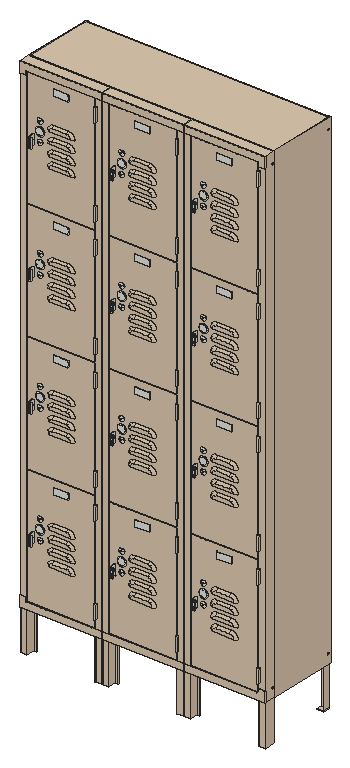
Revit family "Metal_Lockers-Salsbury_Industries-64000_Series-3_Wide_Units", category Specialty Equipment, Revit 2016
Family settings
  Part Type = Normal
  Round Connector Dimension = Use Diameter
  OmniClass Number = 23.40.00.00
  OmniClass Title = Equipment and Furnishings
  Work Plane-Based = No
  Always vertical = Yes
  Cut with Voids When Loaded = No
  Shared = No
  Room Calculation Point = No
Parameters (values of type "64362 - with Standard 6" High Legs")
  Zee Base Corner - Right Side [instance] = Metal Locker Zee Base Corner : None
  Zee Base Corner - Left Side [instance] = Metal Locker Zee Base Corner : None
  Zee Base - Right Side [instance] = Metal Locker Zee Base-Right Side : None
  Zee Base - Left Side [instance] = Metal Locker Zee Base-Left Side : None
  Zee Base = Metal Locker Zee Base - 3 Wide : None
  Width = 36.040"
  Version = "2.0 (06/30/17)"
  Unit Height including Sloping Hood Only [instance] = 78.625"
  Unit Height = 72.000"
  URL = "www.lockers.com"
  Type Comments = "Standard Metal Lockers - Four Tier"
  Total Door(s) Height [instance] = 69.81949"
  Sloping Top In-Line Filler - Right Side [instance] = Metal Locker Sloping Top Filler : None
  Sloping Top In-Line Filler - Left Side [instance] = Metal Locker Sloping Top Filler : None
  Sloping Top Corner Filler - Right Side [instance] = Metal Locker Sloping Corner Filler : None
  Sloping Top Corner Filler - Left Side [instance] = Metal Locker Sloping Corner Filler : None
  Sloping Hood Height = if(Depth = 12.010", 6.625", if(Depth = 15.010", 8.682", if(Depth = 18.010", 10.739", 0.000")))  # 6.625"
  Sloping Hood = Metal Locker Sloping Hood : None
  Compartment Divider Height = Individual Door Height - 0.375"  # 16.985"
  Right Side Base [instance] = Metal Locker Right Side Base : None
  Primary Structure Material [instance] = Paint - Salsbury Finish - Tan
  Overall Width including Rivets [instance] = 36.120"
  Unit Height including Base Only [instance] = 78.000"
  Overall Unit Height (including Base and Sloping Hood) [instance] = 84.625"
  OmniClass 23 Title = "Equipment and Furnishings"
  OmniClass 23 Number = "23.40.00.00"
  Model = "64362"
  MasterFormat Title = "Lockers"
  MasterFormat Number = "10 51 13"
  Manufacturer = "Salsbury Industries"
  Left Side Base [instance] = Metal Locker Left Side Base : None
  Individual Door Height = 17.360"
  Hasp Plate Rivet Material = Steel -Salsbury Finish - Polished Steel
  Hasp Handle Material = Plastic - Salsbury Finish - Black
  Front Vertical Filler - Right [instance] = Metal Locker Front Filler : None
  Front Vertical Filler - Left [instance] = Metal Locker Front Filler : None
  Front Base [instance] = Metal Locker Front Base : None
  Flat Top In-Line Filler - Right Side [instance] = Metal Locker Flat Top Filler : None
  Flat Top In-Line Filler - Left Side [instance] = Metal Locker Flat Top Filler : None
  Flat Top Corner Filler - Right Side [instance] = Metal Locker Flat Corner Filler : None
  Flat Top Corner Filler - Left Side [instance] = Metal Locker Flat Corner Filler : None
  Individual Door Width [instance] = 33.90055"
  End Panel - Right Side [instance] = Metal Locker End Panel : None
  End Panel - Left Side [instance] = Metal Locker End Panel : None
  Door Location D1 = Metal Locker Doors-12 inch with Latch Hasps : Four Tier Door - 6 foot
  Description = "3 Wide - 6 Feet High - 12 Inches Deep"
  Depth = 12.010"
  Base Height = 6.000"
  Standard Leg Base = Metal Locker Legs - 3 Wide : 6" High - 36" W x 12" D
  Assembly Code = "C1030310"
Reference planes (in)
  plane 1 "Center (Front/Back)": y = 0
  plane 2: z = 0
  plane 3 "Center (Left/Right)": x = 0
  plane 4 "Floor": z = 0
  plane 5 "Bottom of Unit": z = 6
  plane 6 "Top of Unit": z = 78
  plane 7 "Left Side of Unit": x = -18.02
  plane 8 "Right Side of Unit": x = 18.02
  plane 9 "Back of Unit": y = 6.005
  plane 10 "Front of Unit": y = -6.005
  plane 11 "Top of Sloping Hood": z = 84.625
  plane 12 "Left Rivet": x = -18.06
  plane 13 "Right Rivet": x = 18.06
  plane 14 "Right Side of Door Opening": x = 17.02
  plane 15 "Left Side of Door Opening": x = -17.02
  plane 16 "Top of Door Opening": z = 77
  plane 17 "Bottom of Door Opening": z = 7
  plane 18 "Back Edge of Front Facing": y = -4.417
  plane 19 "Front Plate Plane": y = -6.065
  plane 20 "Horizontal Center of Top Rivets": z = 76.5
  plane 21 "Horiz Center of Bottom Rivets": z = 7.5
  plane 22 "Vertical Center of Back Rivets": y = 5.505
  plane 23 "Vertical Center of Front Rivets": y = -4.755
  plane 24 "Right Align Top Filler Overlap": x = 17.435
  plane 25 "Left Align Top Filler Overlap": x = -17.435
  plane 26 "Corner Filler Align-Left": x = -18.08
  plane 27 "Corner Filler Align-Right": x = 18.08
  plane 28 "Right Side of Door": x = 16.95026
  plane 29 "Top of Door 1": z = 76.90976
  plane 30 "Bottom of Bottom Door": z = 7.09027
  plane 31 "Zee Base Offset": x = -17.669
  plane 32: x = 17.669
  plane 33 "Compartment Align 3": z = 24.985
  plane 34: x = -17.96
  plane 35: x = 17.96
  plane 36: x = -17.635
  plane 37: x = 17.635
  plane 38: y = 5.945
  plane 39: y = 5.895
  plane 40: y = 5.145
  plane 41: x = -17.9
  plane 42: x = 17.9
  plane 43: x = -17.095
  plane 44: x = 17.095
  plane 45: z = 77.94
  plane 46: z = 24.925
  plane 47: z = 23.985
  plane 48: z = 6.9204
  plane 49: z = 6.18539
  plane 50: z = 76.40796
  plane 51: z = 7.59204
  plane 52 "Right Side of Center Unit": x = 6.00667
  plane 53 "Left Side of Center Unit": x = -6.00667
  plane 54: x = 6.98167
  plane 55 "Left Side of Door Opening-Right Door": x = 7.00667
  plane 56: x = 5.03167
  plane 57 "Right Side of Door Opening-Center Door": x = 5.00667
  plane 58 "Right Side of Door - Center Door": x = 4.93667
  plane 59: x = -5.03167
  plane 60 "Left Side of Door Opening - Center Door": x = -5.00667
  plane 61: x = -6.98167
  plane 62 "Right Side of Door Opening - Left Door": x = -7.00667
  plane 63 "Right Side of Door - Left Door": x = -7.07667
  plane 64: z = 23.985
  plane 65 "Top of Door Row 3": z = 24.45027
  plane 66 "Bottom of Door Row 2": z = 24.57576
  plane 67 "Top of Door Row 2": z = 41.93576
  plane 68: z = 42.06276
  plane 69 "Compartment Align 2": z = 42.43527
  plane 70: z = 42.37527
  plane 71: z = 41.43527
  plane 72: z = 53.22076
  plane 73: z = 59.42276
  plane 74: z = 59.54976
  plane 75: z = 58.92076
  plane 76: z = 59.86076
  plane 77 "Compartment Align 1": z = 59.92076
  plane 78: z = 70.70625
Forms (in)
  Sweep 1, solid, material "Paint - Salsbury Finish - Tan" <- "Primary Structure Material"
    path origin (0, -6.005, 0) x (1, 0, 0) y (0, 0, 1)
      loop
        line (6.00667, 78) -> (6.00667, 6) -> (18.02, 6) -> (18.02, 78) -> (6.00667, 78)
    profile origin (12.01333, -6.005, 78) x (0, 0, 1) y (0, -1, 0)
      loop
        line (0, 0) -> (-1, 0) -> (-1, -1.588) -> (0, -1.588) -> (0, 0)
  Extrusion 2, solid, material "Paint - Salsbury Finish - Tan" <- "Primary Structure Material"
    sketch origin (0, 0, 6) x (0, -1, 0) y (1, 0, 0)
      loop
        line (4.417, 18.02) -> (-6.005, 18.02) -> (-6.005, 17.635) -> (-5.945, 17.635) -> (-5.945, 17.96) -> (4.417, 17.96) -> (4.417, 18.02)
    from 0 to 72
  Extrusion 3, solid, material "Paint - Salsbury Finish - Tan" <- "Primary Structure Material"
    sketch origin (0, 0, 6) x (0, -1, 0) y (1, 0, 0)
      loop
        line (4.417, -18.02) -> (4.417, -17.96) -> (-5.945, -17.96) -> (-5.945, -17.635) -> (-6.005, -17.635) -> (-6.005, -18.02) -> (4.417, -18.02)
    from 0 to 72
  Extrusion 4, solid, material "Paint - Salsbury Finish - Tan" <- "Primary Structure Material"
    sketch origin (0, 0, 6) x (0, -1, 0) y (1, 0, 0)
      loop
        line (-5.945, -17.96) -> (-5.145, -17.96) -> (-5.145, -17.9) -> (-5.895, -17.9) -> (-5.895, 17.9) -> (-5.145, 17.9) -> (-5.145, 17.96) -> (-5.945, 17.96) -> (-5.945, -17.96)
    from 0 to 72
  Sweep 5, solid, material "Paint - Salsbury Finish - Tan" <- "Primary Structure Material"
    path origin (0, 0, 7) x (0, -1, 0) y (1, 0, 0)
      loop
        line (4.417, -17.96) -> (4.417, 17.96) -> (-5.145, 17.96) -> (-5.145, 17.9) -> (-5.895, 17.9) -> (-5.895, -17.9) -> (-5.145, -17.9) -> (-5.145, -17.96) -> (4.417, -17.96)
    profile origin (-17.96, 0.364, 7) x (-1, 0, 0) y (0, 0, 1)
      loop
        line (0, -0.81461) -> (0, -0.0796) -> (-0.06, -0.0796) -> (-0.06, -0.81461) -> (0, -0.81461)
  Extrusion 6, solid, material "Paint - Salsbury Finish - Tan" <- "Primary Structure Material"
    sketch origin (0, 0, 7) x (0, -1, 0) y (1, 0, 0)
      loop
        line (-5.895, -17.9) -> (-5.145, -17.9) -> (-5.145, -17.96) -> (4.417, -17.96) -> (4.417, 17.96) -> (-5.145, 17.96) -> (-5.145, 17.9) -> (-5.895, 17.9) -> (-5.895, -17.9)
    from -0.0796 to 0
  Extrusion 7, solid, material "Paint - Salsbury Finish - Tan" <- "Primary Structure Material"
    sketch origin (0, 0, 78) x (0, -1, 0) y (1, 0, 0)
      loop
        line (-5.895, -17.9) -> (-5.145, -17.9) -> (-5.145, -17.96) -> (4.417, -17.96) -> (4.417, 17.96) -> (-5.145, 17.96) -> (-5.145, 17.9) -> (-5.895, 17.9) -> (-5.895, -17.9)
    from -0.06 to 0
  Extrusion 8, solid, material "Paint - Salsbury Finish - Tan" <- "Primary Structure Material"
    sketch origin (0, -6.065, 0) x (0, 0, -1) y (1, 0, 0)
      loop
        line (-78, -18.02) -> (-76.47656, -18.02)
        arc (-76.47656, -18.02) -> (-76.42806, -17.99991) -> (-76.40796, -17.9514) r 0.0686
        line (-76.40796, -17.9514) -> (-76.40796, -17.16351)
        arc (-76.40796, -17.16351) -> (-76.42809, -17.11506) -> (-76.47656, -17.095) r 0.0686
        line (-76.47656, -17.095) -> (-77, -17.095) -> (-77, 17.095) -> (-76.47656, 17.095)
        arc (-76.47656, 17.095) -> (-76.42809, 17.11506) -> (-76.40796, 17.16351) r 0.0686
        line (-76.40796, 17.16351) -> (-76.40796, 17.9514)
        arc (-76.40796, 17.9514) -> (-76.42806, 17.99991) -> (-76.47656, 18.02) r 0.0686
        line (-76.47656, 18.02) -> (-78, 18.02) -> (-78, -18.02)
    from -0.06 to 0
  Extrusion 9, solid, material "Paint - Salsbury Finish - Tan" <- "Primary Structure Material"
    sketch origin (0, -6.065, 84) x (0, 0, 1) y (-1, 0, 0)
      loop
        line (-78, 18.02) -> (-78, -18.02) -> (-76.47656, -18.02)
        arc (-76.47656, -18.02) -> (-76.42806, -17.99991) -> (-76.40796, -17.9514) r 0.0686
        line (-76.40796, -17.9514) -> (-76.40796, -17.16351)
        arc (-76.40796, -17.16351) -> (-76.42809, -17.11506) -> (-76.47656, -17.095) r 0.0686
        line (-76.47656, -17.095) -> (-77, -17.095) -> (-77, 17.095) -> (-76.47656, 17.095)
        arc (-76.47656, 17.095) -> (-76.42809, 17.11506) -> (-76.40796, 17.16351) r 0.0686
        line (-76.40796, 17.16351) -> (-76.40796, 17.9514)
        arc (-76.40796, 17.9514) -> (-76.42806, 17.99991) -> (-76.47656, 18.02) r 0.0686
        line (-76.47656, 18.02) -> (-78, 18.02)
    from -0.06 to 0
  Blend 10, solid, material "Steel -Salsbury Finish - Polished Steel" <- "Hasp Plate Rivet Material"
    base sketch origin (18.02, 0, 0) x (0, 0, -1) y (0, -1, 0)
      loop
        circle (-76.5, 4.755) r 0.187
    top sketch origin (18.02, 0, 0) x (0, 0, -1) y (0, -1, 0)
      loop
        circle (-76.5, 4.755) r 0.05319
    from 0 to -0.04
  Blend 11, solid, material "Steel -Salsbury Finish - Polished Steel" <- "Hasp Plate Rivet Material"
    base sketch origin (18.02, 0, -69) x (0, 0, -1) y (0, -1, 0)
      loop
        circle (-76.5, 4.755) r 0.187
    top sketch origin (18.02, 0, -69) x (0, 0, -1) y (0, -1, 0)
      loop
        circle (-76.5, 4.755) r 0.05319
    from 0 to -0.04
  Blend 12, solid, material "Steel -Salsbury Finish - Polished Steel" <- "Hasp Plate Rivet Material"
    base sketch origin (18.02, 10.26, -69) x (0, 0, -1) y (0, -1, 0)
      loop
        circle (-76.5, 4.755) r 0.187
    top sketch origin (18.02, 10.26, -69) x (0, 0, -1) y (0, -1, 0)
      loop
        circle (-76.5, 4.755) r 0.05319
    from 0 to -0.04
  Blend 13, solid, material "Steel -Salsbury Finish - Polished Steel" <- "Hasp Plate Rivet Material"
    base sketch origin (18.02, 10.26, 0.0043) x (0, 0, -1) y (0, -1, 0)
      loop
        circle (-76.5, 4.755) r 0.187
    top sketch origin (18.02, 10.26, 0.0043) x (0, 0, -1) y (0, -1, 0)
      loop
        circle (-76.5, 4.755) r 0.05319
    from 0 to -0.04
  Blend 14, solid, material "Steel -Salsbury Finish - Polished Steel" <- "Hasp Plate Rivet Material"
    base sketch origin (-6.02, 0, -69) x (0, 0, -1) y (0, 1, 0)
      loop
        circle (-76.5, -4.755) r 0.187
    top sketch origin (-6.02, 0, -69) x (0, 0, -1) y (0, 1, 0)
      loop
        circle (-76.5, -4.755) r 0.05319
    from -12 to -12.04
  Blend 15, solid, material "Steel -Salsbury Finish - Polished Steel" <- "Hasp Plate Rivet Material"
    base sketch origin (-6.02, 10.26, -69) x (0, 0, -1) y (0, 1, 0)
      loop
        circle (-76.5, -4.755) r 0.187
    top sketch origin (-6.02, 10.26, -69) x (0, 0, -1) y (0, 1, 0)
      loop
        circle (-76.5, -4.755) r 0.05319
    from -12 to -12.04
  Blend 16, solid, material "Steel -Salsbury Finish - Polished Steel" <- "Hasp Plate Rivet Material"
    base sketch origin (-6.02, 0, 0) x (0, 0, -1) y (0, 1, 0)
      loop
        circle (-76.5, -4.755) r 0.187
    top sketch origin (-6.02, 0, 0) x (0, 0, -1) y (0, 1, 0)
      loop
        circle (-76.5, -4.755) r 0.05319
    from -12 to -12.04
  Blend 17, solid, material "Steel -Salsbury Finish - Polished Steel" <- "Hasp Plate Rivet Material"
    base sketch origin (-6.02, 10.26, 0.00039) x (0, 0, -1) y (0, 1, 0)
      loop
        circle (-76.5, -4.755) r 0.187
    top sketch origin (-6.02, 10.26, 0.00039) x (0, 0, -1) y (0, 1, 0)
      loop
        circle (-76.5, -4.755) r 0.05319
    from -12 to -12.04
  Extrusion 18, solid, material "Paint - Salsbury Finish - Tan" <- "Primary Structure Material"
    sketch origin (0, 0, 24.985) x (0, -1, 0) y (1, 0, 0)
      loop
        line (-5.895, -17.9) -> (-5.145, -17.9) -> (-5.145, -17.96) -> (4.417, -17.96) -> (4.417, 17.96) -> (-5.145, 17.96) -> (-5.145, 17.9) -> (-5.895, 17.9) -> (-5.895, -17.9)
    from -0.06 to 0
  Sweep 19, solid, material "Paint - Salsbury Finish - Tan" <- "Primary Structure Material"
    path origin (0, 0, 24.985) x (0, -1, 0) y (1, 0, 0)
      loop
        line (4.417, -17.96) -> (4.417, 17.96) -> (-5.145, 17.96) -> (-5.145, 17.9) -> (-5.895, 17.9) -> (-5.895, -17.9) -> (-5.145, -17.9) -> (-5.145, -17.96) -> (4.417, -17.96)
    profile origin (-17.96, 0.364, 24.985) x (-1, 0, 0) y (0, 0, 1)
      loop
        line (0, -1) -> (0, -0.06) -> (-0.06, -0.06) -> (-0.06, -1) -> (0, -1)
  Sweep 20, solid, material "Paint - Salsbury Finish - Tan" <- "Primary Structure Material"
    path origin (-12.01333, -6.005, 0) x (1, 0, 0) y (0, 0, 1)
      loop
        line (6.00667, 78) -> (6.00667, 6) -> (18.02, 6) -> (18.02, 78) -> (6.00667, 78)
    profile origin (0, -6.005, 78) x (0, 0, 1) y (0, -1, 0)
      loop
        line (0, 0) -> (-1, 0) -> (-1, -1.588) -> (0, -1.588) -> (0, 0)
  Sweep 21, solid, material "Paint - Salsbury Finish - Tan" <- "Primary Structure Material"
    path origin (-24.02667, -6.005, 0) x (1, 0, 0) y (0, 0, 1)
      loop
        line (6.00667, 78) -> (6.00667, 6) -> (18.02, 6) -> (18.02, 78) -> (6.00667, 78)
    profile origin (-12.01333, -6.005, 78) x (0, 0, 1) y (0, -1, 0)
      loop
        line (0, 0) -> (-1, 0) -> (-1, -1.588) -> (0, -1.588) -> (0, 0)
  Extrusion 22, solid, material "Paint - Salsbury Finish - Tan" <- "Primary Structure Material"
    sketch origin (0, 0, 42.43527) x (0, -1, 0) y (1, 0, 0)
      loop
        line (-5.945, -17.9) -> (-5.145, -17.9) -> (-5.145, -17.96) -> (4.417, -17.96) -> (4.417, 17.96) -> (-5.145, 17.96) -> (-5.145, 17.9) -> (-5.945, 17.9) -> (-5.945, -17.9)
    from -0.06 to 0
  Sweep 23, solid, material "Paint - Salsbury Finish - Tan" <- "Primary Structure Material"
    path origin (0, 0, 42.43527) x (0, -1, 0) y (1, 0, 0)
      loop
        line (4.417, -17.96) -> (4.417, 17.96) -> (-5.145, 17.96) -> (-5.145, 17.9) -> (-5.945, 17.9) -> (-5.945, -17.9) -> (-5.145, -17.9) -> (-5.145, -17.96) -> (4.417, -17.96)
    profile origin (-17.96, 0.364, 42.43527) x (-1, 0, 0) y (0, 0, 1)
      loop
        line (0, -1) -> (0, -0.06) -> (-0.06, -0.06) -> (-0.06, -1) -> (0, -1)
  Extrusion 24, solid, material "Paint - Salsbury Finish - Tan" <- "Primary Structure Material"
    sketch origin (0, 0, 59.92076) x (0, -1, 0) y (1, 0, 0)
      loop
        line (-5.945, -17.9) -> (-5.145, -17.9) -> (-5.145, -17.96) -> (4.417, -17.96) -> (4.417, 17.96) -> (-5.145, 17.96) -> (-5.145, 17.9) -> (-5.945, 17.9) -> (-5.945, -17.9)
    from -0.06 to 0
  Sweep 25, solid, material "Paint - Salsbury Finish - Tan" <- "Primary Structure Material"
    path origin (0, 0, 59.92076) x (0, -1, 0) y (1, 0, 0)
      loop
        line (4.417, -17.96) -> (4.417, 17.96) -> (-5.145, 17.96) -> (-5.145, 17.9) -> (-5.945, 17.9) -> (-5.945, -17.9) -> (-5.145, -17.9) -> (-5.145, -17.96) -> (4.417, -17.96)
    profile origin (-17.96, 0.364, 59.92076) x (-1, 0, 0) y (0, 0, 1)
      loop
        line (0, -1) -> (0, -0.06) -> (-0.06, -0.06) -> (-0.06, -1) -> (0, -1)
Lines and regions (in)
  reference lines
    curve 1: line (-41.59242, -6.065, 78) -> (48.15758, -6.065, 78)
  symbolic lines
    curve 2: line (-18.02, 6.005, 78) -> (18.02, 6.005, 78)
    curve 3: line (-18.02, -6.065, 78) -> (-18.02, 6.005, 78)
    curve 4: line (18.02, -6.065, 78) -> (-18.02, -6.065, 78)
    curve 5: line (18.02, 6.005, 78) -> (18.02, -6.065, 78)
    curve 6: line (-18.06, -4.80819, 78) -> (-18.02, -4.91809, 78)
    curve 7: line (-18.02, -4.58043, 78) -> (-18.06, -4.70181, 78)
    curve 8: line (-18.06, -4.80819, 78) -> (-18.06, -4.70181, 78)
    curve 9: line (-18.06, 5.45181, 78) -> (-18.02, 5.31077, 78)
    curve 10: line (-18.06, 5.55819, 78) -> (-18.02, 5.68474, 78)
    curve 11: line (-18.06, 5.55819, 78) -> (-18.06, 5.45181, 78)
    curve 12: line (18.06, 5.55819, 78) -> (18.02, 5.70747, 78)
    curve 13: line (18.06, 5.45181, 78) -> (18.02, 5.3179, 78)
    curve 14: line (18.06, 5.55819, 78) -> (18.06, 5.45181, 78)
    curve 15: line (18.06, -4.70181, 78) -> (18.02, -4.57098, 78)
    curve 16: line (18.06, -4.80819, 78) -> (18.02, -4.94769, 78)
    curve 17: line (18.06, -4.70181, 78) -> (18.06, -4.80819, 78)
  model lines
    curve 18: line (6.00667, 6.005, 6) -> (6.00667, 6.005, 78)
    curve 19: line (-6.00667, 6.005, 6) -> (-6.00667, 6.005, 78)
    curve 20: line (-6.00667, 5.945, 78) -> (-6.00667, -6.065, 78)
    curve 21: line (6.00667, 5.945, 78) -> (6.00667, -6.065, 78)
Dimensions and locks (in)
  equal spacing: plane 7 "Left Side of Unit", plane 53 "Left Side of Center Unit", plane 52 "Right Side of Center Unit", plane 8 "Right Side of Unit"
  "Width": plane 7 "Left Side of Unit" to plane 8 "Right Side of Unit"
  "Base Height": plane 5 "Bottom of Unit" to plane 4 "Floor"
  "Unit Height": plane 6 "Top of Unit" to plane 5 "Bottom of Unit"
  "Unit Height including Base Only": plane 6 "Top of Unit" to plane 4 "Floor"
  equal spacing: plane 10 "Front of Unit", plane 1 "Center (Front/Back)", plane 9 "Back of Unit"
  "Depth": plane 10 "Front of Unit" to plane 9 "Back of Unit"
  "Sloping Hood Height": plane 11 "Top of Sloping Hood" to plane 6 "Top of Unit"
  "Overall Unit Height (including Base and Sloping Hood)": plane 11 "Top of Sloping Hood" to plane 4 "Floor"
  locked: plane 12 "Left Rivet" to plane 7 "Left Side of Unit" at 0.04
  locked: plane 8 "Right Side of Unit" to plane 13 "Right Rivet" at 0.04
  "Overall Width including Rivets": plane 12 "Left Rivet" to plane 13 "Right Rivet"
  plane 6 "Top of Unit" to plane 16 "Top of Door Opening" to plane 29 "Top of Door 1" to plane 50 = 1.000" locked, 0.09024", 0.5018"
  plane 51 to plane 30 "Bottom of Bottom Door" to plane 17 "Bottom of Door Opening" to plane 5 "Bottom of Unit" = 0.50177", 0.09027", 1.000" locked
  locked: plane 7 "Left Side of Unit" to plane 15 "Left Side of Door Opening" at 1
  plane 28 "Right Side of Door" to plane 14 "Right Side of Door Opening" to plane 8 "Right Side of Unit" = 0.06974", 1.000" locked
  plane 19 "Front Plate Plane" to plane 10 "Front of Unit" to plane 18 "Back Edge of Front Facing" = 0.060" locked, 1.588" locked
  "Unit Height including Sloping Hood Only": plane 11 "Top of Sloping Hood" to plane 5 "Bottom of Unit"
  locked: plane 20 "Horizontal Center of Top Rivets" to plane 6 "Top of Unit" at 1.5
  locked: plane 5 "Bottom of Unit" to plane 21 "Horiz Center of Bottom Rivets" at 1.5
  locked: plane 22 "Vertical Center of Back Rivets" to plane 9 "Back of Unit" at 0.5
  locked: plane 10 "Front of Unit" to plane 23 "Vertical Center of Front Rivets" at 1.25
  locked: plane 24 "Right Align Top Filler Overlap" to plane 13 "Right Rivet" at 0.625
  locked: plane 12 "Left Rivet" to plane 25 "Left Align Top Filler Overlap" at 0.625
  locked: plane 8 "Right Side of Unit" to plane 27 "Corner Filler Align-Right" at 0.06
  locked: plane 26 "Corner Filler Align-Left" to plane 7 "Left Side of Unit" at 0.06
  "Total Door(s) Height": plane 29 "Top of Door 1" to plane 30 "Bottom of Bottom Door"
  plane 7 "Left Side of Unit" to plane 31 "Zee Base Offset" = 0.351"
  plane 32 to plane 8 "Right Side of Unit" = 0.351"
  plane 33 "Compartment Align 3" to plane 46 to plane 64 = 0.060" locked, 0.940" locked
  plane 7 "Left Side of Unit" to plane 34 to plane 41 to plane 36 = 0.060" locked, 0.060" locked, 0.265" locked
  plane 37 to plane 42 to plane 35 to plane 8 "Right Side of Unit" = 0.265" locked, 0.060", 0.060"
  plane 40 to plane 39 to plane 38 to plane 9 "Back of Unit" = 0.750" locked, 0.050", 0.060"
  locked: plane 7 "Left Side of Unit" to plane 43 at 0.925
  locked: plane 44 to plane 8 "Right Side of Unit" at 0.925
  locked: plane 6 "Top of Unit" to plane 45 at 0.06
  plane 46 to plane 47 = 0.940"
  locked: plane 17 "Bottom of Door Opening" to plane 48 at 0.0796
  plane 48 to plane 49 = 0.73501"
  plane 58 "Right Side of Door - Center Door" to plane 57 "Right Side of Door Opening-Center Door" to plane 56 to plane 52 "Right Side of Center Unit" to plane 54 to plane 55 "Left Side of Door Opening-Right Door" = 0.070", 0.025", 0.975", 0.975", 0.025"
  plane 63 "Right Side of Door - Left Door" to plane 62 "Right Side of Door Opening - Left Door" to plane 61 to plane 53 "Left Side of Center Unit" to plane 59 to plane 60 "Left Side of Door Opening - Center Door" = 0.070", 0.025", 0.975", 0.975", 0.025"
  "Individual Door Height": plane 65 "Top of Door Row 3" to plane 30 "Bottom of Bottom Door"
  "Compartment Divider Height": plane 64 to plane 17 "Bottom of Door Opening"
  locked: plane 66 "Bottom of Door Row 2" to plane 65 "Top of Door Row 3" at 0.12549
  "Individual Door Height": plane 67 "Top of Door Row 2" to plane 66 "Bottom of Door Row 2"
  locked: plane 68 to plane 67 "Top of Door Row 2" at 0.127
  plane 69 "Compartment Align 2" to plane 70 to plane 71 = 0.060" locked, 0.940" locked
  "Compartment Divider Height": plane 71 to plane 65 "Top of Door Row 3"
  "Individual Door Height": plane 73 to plane 68
  locked: plane 74 to plane 73 at 0.127
  "Compartment Divider Height": plane 75 to plane 67 "Top of Door Row 2"
  plane 77 "Compartment Align 1" to plane 76 to plane 75 = 0.060" locked, 0.940" locked
  aligned and locked: level to plane 2
  aligned and locked: Extrusion 2 to plane 6 "Top of Unit"
  aligned and locked: Extrusion 3 to plane 6 "Top of Unit"
  aligned and locked: Extrusion 4 to plane 6 "Top of Unit"
  aligned and locked: Extrusion 8 to plane 10 "Front of Unit"
  aligned and locked: Extrusion 9 to plane 10 "Front of Unit"
  aligned and locked: Extrusion 6 to plane 17 "Bottom of Door Opening"
  aligned and locked: plane 4 "Floor" to nested 2
  aligned and locked: plane 5 "Bottom of Unit" to Extrusion 9
  aligned and locked: plane 8 "Right Side of Unit" to nested 6
  aligned and locked: plane 7 "Left Side of Unit" to nested 7
  aligned and locked: Blend 10 to plane 13 "Right Rivet"
  aligned and locked: plane 8 "Right Side of Unit" to Blend 10
  aligned and locked: Blend 15 to plane 7 "Left Side of Unit"
  aligned and locked: Blend 14 to plane 7 "Left Side of Unit"  (x2)
  aligned and locked: plane 12 "Left Rivet" to Blend 14
  aligned and locked: plane 12 "Left Rivet" to Blend 15
  aligned and locked: Blend 14 to plane 12 "Left Rivet"
  aligned and locked: Blend 17 to plane 7 "Left Side of Unit"
  aligned and locked: plane 12 "Left Rivet" to Blend 17
  aligned and locked: Blend 16 to plane 7 "Left Side of Unit"
  aligned and locked: plane 12 "Left Rivet" to Blend 16
  aligned and locked: plane 5 "Bottom of Unit" to nested 10
  aligned and locked: plane 13 "Right Rivet" to nested 10
  aligned and locked: plane 12 "Left Rivet" to nested 11
  aligned and locked: nested 11 to plane 10 "Front of Unit"
  aligned and locked: plane 13 "Right Rivet" to nested 12
  aligned and locked: plane 10 "Front of Unit" to nested 12
  aligned and locked: plane 6 "Top of Unit" to nested 12
  aligned and locked: plane 12 "Left Rivet" to nested 13
  aligned and locked: plane 10 "Front of Unit" to nested 13
  aligned and locked: plane 6 "Top of Unit" to nested 13
  aligned and locked: plane 6 "Top of Unit" to nested 14
  aligned and locked: nested 14 to plane 19 "Front Plate Plane"
  aligned and locked: nested 14 to plane 24 "Right Align Top Filler Overlap"
  aligned and locked: nested 15 to plane 25 "Left Align Top Filler Overlap"
  aligned and locked: nested 15 to plane 19 "Front Plate Plane"
  aligned and locked: nested 10 to nested 15
  aligned and locked: plane 19 "Front Plate Plane" to nested 16
  aligned and locked: plane 6 "Top of Unit" to nested 16
  aligned and locked: nested 17 to plane 6 "Top of Unit"
  aligned and locked: nested 17 to plane 19 "Front Plate Plane"
  aligned and locked: nested 18 to plane 24 "Right Align Top Filler Overlap"
  aligned and locked: nested 18 to plane 19 "Front Plate Plane"
  aligned and locked: plane 16 "Top of Door Opening" to nested 18
  aligned and locked: nested 19 to plane 16 "Top of Door Opening"
  aligned and locked: nested 19 to plane 25 "Left Align Top Filler Overlap"
  aligned and locked: nested 19 to plane 19 "Front Plate Plane"
  aligned and locked: nested 11 to plane 6 "Top of Unit"
  aligned and locked: plane 10 "Front of Unit" to nested 10
  aligned and locked: plane 10 "Front of Unit" to nested 22
  aligned and locked: plane 10 "Front of Unit" to nested 1
  aligned and locked: plane 10 "Front of Unit" to nested 2
  aligned and locked: plane 7 "Left Side of Unit" to nested 17
  aligned and locked: plane 31 "Zee Base Offset" to nested 9
  aligned and locked: plane 18 "Back Edge of Front Facing" to nested 9
  aligned and locked: nested 8 to plane 18 "Back Edge of Front Facing"
  aligned and locked: plane 32 to nested 8
  aligned and locked: nested 21 to curve 1
  aligned and locked: nested 20 to curve 1
  aligned and locked: Sweep 19 sketch curve to Extrusion 18
  aligned and locked: plane 7 "Left Side of Unit" to Extrusion 3
  aligned and locked: Extrusion 3 to plane 9 "Back of Unit"
  aligned and locked: Extrusion 2 to plane 8 "Right Side of Unit"
  aligned and locked: Extrusion 2 to plane 9 "Back of Unit"
  aligned and locked: plane 18 "Back Edge of Front Facing" to Extrusion 3
  aligned and locked: plane 18 "Back Edge of Front Facing" to Extrusion 2
  aligned and locked: plane 34 to Extrusion 3
  aligned and locked: plane 35 to Extrusion 2
  aligned and locked: plane 36 to Extrusion 3
  aligned and locked: plane 37 to Extrusion 2
  aligned and locked: Extrusion 3 to plane 38
  aligned and locked: plane 38 to Extrusion 2
  aligned and locked: Extrusion 4 to plane 38
  aligned and locked: Extrusion 4 to plane 39
  aligned and locked: plane 34 to Extrusion 4
  aligned and locked: plane 40 to Extrusion 4  (x2)
  aligned and locked: plane 41 to Extrusion 4
  aligned and locked: plane 42 to Extrusion 4
  aligned and locked: Extrusion 7 to plane 39
  aligned and locked: plane 41 to Extrusion 7
  aligned and locked: plane 34 to Extrusion 7  (x2)
  aligned and locked: Extrusion 7 to plane 40  (x2)
  aligned and locked: Extrusion 7 to plane 42
  aligned and locked: Extrusion 7 to plane 35  (x2)
  aligned and locked: plane 18 "Back Edge of Front Facing" to Extrusion 7
  aligned and locked: plane 18 "Back Edge of Front Facing" to Extrusion 6
  aligned and locked: Extrusion 6 to plane 39
  aligned and locked: Extrusion 6 to plane 42
  aligned and locked: Extrusion 6 to plane 40  (x2)
  aligned and locked: Extrusion 6 to plane 35
  aligned and locked: plane 41 to Extrusion 6
  aligned and locked: plane 34 to Extrusion 6
  aligned and locked: Sweep 5 to plane 39
  aligned and locked: Sweep 5 to plane 40  (x2)
  aligned and locked: Sweep 5 to plane 42
  aligned and locked: Sweep 5 to plane 35
  aligned and locked: plane 18 "Back Edge of Front Facing" to Sweep 5
  aligned and locked: plane 34 to Sweep 5
  aligned and locked: plane 41 to Sweep 5
  aligned and locked: Sweep 5 sketch curve to plane 41
  aligned and locked: Sweep 5 sketch curve to plane 39
  aligned and locked: plane 40 to Sweep 5 sketch curve  (x2)
  aligned and locked: Sweep 5 sketch curve to plane 34  (x2)
  aligned and locked: plane 42 to Sweep 5 sketch curve
  aligned and locked: plane 35 to Sweep 5 sketch curve
  aligned and locked: Sweep 5 sketch curve to plane 18 "Back Edge of Front Facing"
  aligned and locked: Extrusion 18 to plane 39
  aligned and locked: Extrusion 18 to plane 42
  aligned and locked: Extrusion 18 to plane 40  (x2)
  aligned and locked: Extrusion 18 to plane 35
  aligned and locked: plane 18 "Back Edge of Front Facing" to Extrusion 18
  aligned and locked: plane 34 to Extrusion 18
  aligned and locked: plane 41 to Extrusion 18
  aligned and locked: Sweep 19 sketch curve to plane 39
  aligned and locked: plane 42 to Sweep 19 sketch curve
  aligned and locked: plane 40 to Sweep 19 sketch curve  (x2)
  aligned and locked: plane 35 to Sweep 19 sketch curve
  aligned and locked: Sweep 19 sketch curve to plane 18 "Back Edge of Front Facing"
  aligned and locked: Sweep 19 sketch curve to plane 34  (x2)
  aligned and locked: Sweep 19 sketch curve to plane 41
  aligned and locked: plane 6 "Top of Unit" to Sweep 1 sketch curve  (x2)
  aligned and locked: plane 8 "Right Side of Unit" to Sweep 1 sketch curve
  aligned and locked: Sweep 1 sketch curve to plane 5 "Bottom of Unit"
  aligned and locked: plane 10 "Front of Unit" to Sweep 1
  aligned and locked: Extrusion 8 to plane 19 "Front Plate Plane"
  aligned and locked: plane 10 "Front of Unit" to Extrusion 8
  aligned and locked: Extrusion 8 to plane 8 "Right Side of Unit"
  aligned and locked: plane 7 "Left Side of Unit" to Extrusion 8
  aligned and locked: plane 7 "Left Side of Unit" to Extrusion 9
  aligned and locked: plane 19 "Front Plate Plane" to Extrusion 9
  aligned and locked: Extrusion 9 to plane 8 "Right Side of Unit"
  aligned and locked: plane 43 to Extrusion 9
  aligned and locked: plane 44 to Extrusion 9
  aligned and locked: plane 44 to Extrusion 8
  aligned and locked: Extrusion 8 to plane 43
  aligned and locked: plane 28 "Right Side of Door" to nested 22
  aligned and locked: plane 18 "Back Edge of Front Facing" to Sweep 1 sketch curve
  aligned and locked: Sweep 1 sketch curve to plane 16 "Top of Door Opening"
  aligned and locked: Sweep 1 sketch curve to plane 10 "Front of Unit"
  aligned and locked: plane 5 "Bottom of Unit" to Extrusion 4
  aligned and locked: Extrusion 4 to plane 35
  aligned and locked: plane 5 "Bottom of Unit" to Extrusion 3
  aligned and locked: plane 5 "Bottom of Unit" to Extrusion 2
  aligned and locked: Extrusion 7 to plane 6 "Top of Unit"
  aligned and locked: plane 45 to Extrusion 7
  aligned and locked: Extrusion 18 to plane 33 "Compartment Align 3"
  aligned and locked: Extrusion 18 to plane 46
  aligned and locked: plane 41 to Sweep 19 sketch curve
  aligned and locked: plane 47 to Sweep 19 sketch curve
  aligned and locked: Extrusion 6 to plane 48
  aligned and locked: Sweep 5 to plane 48
  aligned and locked: Sweep 5 sketch curve to plane 49
  aligned and locked: Sweep 5 sketch curve to plane 48
  aligned and locked: plane 41 to Sweep 5 sketch curve
  aligned and locked: plane 50 to Extrusion 8
  aligned and locked: Extrusion 8 to plane 50
  aligned and locked: Extrusion 8 to plane 6 "Top of Unit"
  aligned and locked: plane 16 "Top of Door Opening" to Extrusion 8
  aligned and locked: Extrusion 9 to plane 17 "Bottom of Door Opening"
  aligned and locked: plane 51 to Extrusion 9  (x2)
  aligned and locked: plane 4 "Floor" to nested 1
  aligned and locked: Blend 12 to plane 13 "Right Rivet"
  aligned and locked: plane 8 "Right Side of Unit" to Blend 12
  aligned and locked: plane 8 "Right Side of Unit" to Blend 13
  aligned and locked: Blend 13 to plane 13 "Right Rivet"
  aligned and locked: plane 8 "Right Side of Unit" to Blend 11
  aligned and locked: Blend 11 to plane 13 "Right Rivet"
  aligned and locked: nested 21 to curve 3
  aligned and locked: curve 4 to Extrusion 8
  aligned and locked: curve 5 to Extrusion 8
  aligned and locked: curve 8 to Blend 14
  aligned and locked: curve 11 to Blend 15
  aligned and locked: curve 14 to Blend 12
  aligned and locked: curve 17 to Blend 10
  aligned and locked: plane 8 "Right Side of Unit" to nested 20
  aligned and locked: plane 7 "Left Side of Unit" to nested 21
  aligned and locked: Sweep 1 sketch curve to plane 52 "Right Side of Center Unit"
  aligned and locked: plane 6 "Top of Unit" to Sweep 20 sketch curve
  aligned and locked: Sweep 20 sketch curve to plane 5 "Bottom of Unit"
  aligned and locked: Sweep 21 sketch curve to plane 5 "Bottom of Unit"
  aligned and locked: plane 53 "Left Side of Center Unit" to Sweep 21 sketch curve
  aligned and locked: Sweep 21 sketch curve to plane 7 "Left Side of Unit"
  aligned and locked: plane 6 "Top of Unit" to Sweep 21 sketch curve
  aligned and locked: Sweep 20 sketch curve to plane 53 "Left Side of Center Unit"
  aligned and locked: plane 52 "Right Side of Center Unit" to Sweep 20 sketch curve
  aligned and locked: plane 10 "Front of Unit" to nested 24
  aligned and locked: plane 18 "Back Edge of Front Facing" to Sweep 20 sketch curve
  aligned and locked: Sweep 20 sketch curve to plane 16 "Top of Door Opening"
  aligned and locked: profile plane to Sweep 20 sketch curve
  aligned and locked: Sweep 20 sketch curve to profile plane
  aligned and locked: profile plane to Sweep 21 sketch curve
  aligned and locked: plane 18 "Back Edge of Front Facing" to Sweep 21 sketch curve
  aligned and locked: Sweep 21 sketch curve to plane 16 "Top of Door Opening"
  aligned and locked: Sweep 21 sketch curve to profile plane
  aligned and locked: plane 58 "Right Side of Door - Center Door" to nested 23
  aligned and locked: plane 63 "Right Side of Door - Left Door" to nested 24
  aligned and locked: nested 23 to plane 30 "Bottom of Bottom Door"
  aligned and locked: nested 24 to plane 30 "Bottom of Bottom Door"
  aligned and locked: plane 4 "Floor" to nested 5
  aligned and locked: plane 8 "Right Side of Unit" to nested 5
  aligned and locked: plane 9 "Back of Unit" to nested 6
  aligned and locked: plane 9 "Back of Unit" to nested 7
  aligned and locked: plane 52 "Right Side of Center Unit" to curve 18
  aligned and locked: plane 53 "Left Side of Center Unit" to curve 19
  aligned and locked: plane 5 "Bottom of Unit" to curve 19
  aligned and locked: plane 5 "Bottom of Unit" to curve 18
  aligned and locked: plane 6 "Top of Unit" to curve 18
  aligned and locked: plane 6 "Top of Unit" to curve 19
  aligned and locked: curve 20 to Extrusion 4
  aligned and locked: curve 20 to Sweep 21
  aligned and locked: curve 21 to Sweep 20
  aligned and locked: Extrusion 4 to curve 21
  aligned and locked: Extrusion 8 to curve 20
  aligned and locked: plane 6 "Top of Unit" to nested 25
  aligned and locked: plane 19 "Front Plate Plane" to nested 25
  aligned and locked: plane 10 "Front of Unit" to nested 23
  aligned and locked: nested 22 to plane 30 "Bottom of Bottom Door"
  aligned and locked: Sweep 19 to plane 64
  aligned and locked: nested 26 to plane 66 "Bottom of Door Row 2"
  aligned and locked: nested 27 to plane 66 "Bottom of Door Row 2"
  aligned and locked: nested 28 to plane 66 "Bottom of Door Row 2"
  aligned and locked: plane 28 "Right Side of Door" to nested 26
  aligned and locked: plane 58 "Right Side of Door - Center Door" to nested 27
  aligned and locked: plane 63 "Right Side of Door - Left Door" to nested 28
  aligned and locked: plane 10 "Front of Unit" to nested 26
  aligned and locked: plane 10 "Front of Unit" to nested 27
  aligned and locked: plane 10 "Front of Unit" to nested 28
  aligned and locked: plane 68 to nested 29
  aligned and locked: nested 30 to plane 68
  aligned and locked: nested 31 to plane 68
  aligned and locked: Extrusion 22 to Sweep 23 sketch curve
  aligned and locked: plane 70 to Extrusion 22
  aligned and locked: Extrusion 22 to plane 69 "Compartment Align 2"
  aligned and locked: Sweep 23 sketch curve to plane 71
  aligned and locked: plane 28 "Right Side of Door" to nested 29
  aligned and locked: plane 58 "Right Side of Door - Center Door" to nested 30
  aligned and locked: plane 63 "Right Side of Door - Left Door" to nested 31
  aligned and locked: plane 10 "Front of Unit" to nested 29
  aligned and locked: plane 10 "Front of Unit" to nested 30
  aligned and locked: plane 10 "Front of Unit" to nested 31
  aligned and locked: Sweep 23 to Extrusion 22  (x2)
  aligned and locked: plane 18 "Back Edge of Front Facing" to Extrusion 22
  aligned and locked: Extrusion 22 to nested 5  (x2)
  aligned and locked: Extrusion 22 to Sweep 23  (x2)
  aligned and locked: Sweep 23 sketch curve to plane 18 "Back Edge of Front Facing"
  aligned and locked: plane 35 to Sweep 23 sketch curve
  aligned and locked: plane 42 to Sweep 23 sketch curve
  aligned and locked: Sweep 23 sketch curve to plane 34
  aligned and locked: Sweep 23 sketch curve to plane 41
  aligned and locked: Sweep 23 sketch curve to plane 38
  aligned and locked: plane 74 to nested 32
  aligned and locked: nested 33 to plane 74
  aligned and locked: nested 34 to plane 74
  aligned and locked: plane 28 "Right Side of Door" to nested 32
  aligned and locked: plane 58 "Right Side of Door - Center Door" to nested 33
  aligned and locked: plane 63 "Right Side of Door - Left Door" to nested 34
  aligned and locked: plane 10 "Front of Unit" to nested 32
  aligned and locked: plane 10 "Front of Unit" to nested 33
  aligned and locked: plane 10 "Front of Unit" to nested 34
  aligned and locked: Extrusion 24 to Sweep 25 sketch curve
  aligned and locked: Sweep 25 to Extrusion 24  (x2)
  aligned and locked: Extrusion 24 to Sweep 25  (x2)
  aligned and locked: Extrusion 24 to plane 77 "Compartment Align 1"
  aligned and locked: plane 76 to Extrusion 24
  aligned and locked: Extrusion 24 to plane 38
  aligned and locked: plane 18 "Back Edge of Front Facing" to Extrusion 24
  aligned and locked: plane 41 to Extrusion 24
  aligned and locked: Extrusion 24 to plane 42
  aligned and locked: Extrusion 24 to plane 35
  aligned and locked: Sweep 25 sketch curve to plane 34
  aligned and locked: Sweep 25 sketch curve to plane 41
  aligned and locked: Sweep 25 sketch curve to plane 18 "Back Edge of Front Facing"
  aligned and locked: plane 35 to Sweep 25 sketch curve
  aligned and locked: plane 42 to Sweep 25 sketch curve
  aligned and locked: Sweep 25 sketch curve to plane 38
  aligned and locked: Sweep 25 sketch curve to plane 75
  aligned and locked: Extrusion 24 sketch curve to plane 40  (x2)
  aligned and locked: plane 40 to Sweep 25 sketch curve  (x2)
  aligned and locked: Extrusion 22 sketch curve to plane 38
  aligned and locked: Extrusion 22 sketch curve to plane 40  (x2)
  aligned and locked: plane 40 to Sweep 23 sketch curve  (x2)
  aligned and locked: Extrusion 18 sketch curve to plane 39
  aligned and locked: Extrusion 18 sketch curve to plane 40  (x2)
  aligned and locked: plane 9 "Back of Unit" to curve 2
Automatic sketch dimensions
  Extrusion 2 sketch curve to plane 8 "Right Side of Unit" = 0.000"
  plane 9 "Back of Unit" to Extrusion 2 sketch curve = 0.000"
  Extrusion 2 sketch curve to plane 37 = 0.000"
  plane 38 to Extrusion 2 sketch curve = 0.000"
  plane 18 "Back Edge of Front Facing" to Extrusion 2 sketch curve = 0.000"
  Extrusion 2 sketch curve to plane 35 = 0.000"
  Extrusion 3 sketch curve to plane 7 "Left Side of Unit" = 0.000"
  plane 9 "Back of Unit" to Extrusion 3 sketch curve = 0.000"
  Extrusion 3 sketch curve to plane 36 = 0.000"
  Extrusion 3 sketch curve to plane 38 = 0.000"
  plane 18 "Back Edge of Front Facing" to Extrusion 3 sketch curve = 0.000"
  Extrusion 3 sketch curve to plane 34 = 0.000"
  Extrusion 4 sketch curve to plane 34 = 0.000"
  Extrusion 4 sketch curve to plane 38 = 0.000"
  Extrusion 4 sketch curve to plane 39 = 0.000"
  plane 40 to Extrusion 4 sketch curve = 0.000"
  Extrusion 4 sketch curve to plane 40 = 0.000"
  Extrusion 4 sketch curve to plane 41 = 0.000"
  Extrusion 4 sketch curve to plane 42 = 0.000"
  Extrusion 4 sketch curve to plane 35 = 0.000"
  Extrusion 6 sketch curve to plane 39 = 0.000"
  Extrusion 6 sketch curve to plane 34 = 0.000"
  Extrusion 6 sketch curve to plane 40 = 0.000"
  plane 40 to Extrusion 6 sketch curve = 0.000"
  plane 18 "Back Edge of Front Facing" to Extrusion 6 sketch curve = 0.000"
  Extrusion 6 sketch curve to plane 41 = 0.000"
  Extrusion 6 sketch curve to plane 42 = 0.000"
  Extrusion 6 sketch curve to plane 35 = 0.000"
  Extrusion 7 sketch curve to plane 39 = 0.000"
  Extrusion 7 sketch curve to plane 34 = 0.000"
  Extrusion 7 sketch curve to plane 40 = 0.000"
  plane 40 to Extrusion 7 sketch curve = 0.000"
  plane 18 "Back Edge of Front Facing" to Extrusion 7 sketch curve = 0.000"
  Extrusion 7 sketch curve to plane 41 = 0.000"
  Extrusion 7 sketch curve to plane 42 = 0.000"
  Extrusion 7 sketch curve to plane 35 = 0.000"
  Extrusion 8 sketch curve to plane 6 "Top of Unit" = 0.000"
  Extrusion 8 sketch curve to plane 16 "Top of Door Opening" = 0.000"
  plane 43 to Extrusion 8 sketch curve = 0.000"
  plane 7 "Left Side of Unit" to Extrusion 8 sketch curve = 0.000"
  plane 44 to Extrusion 8 sketch curve = 0.000"
  plane 8 "Right Side of Unit" to Extrusion 8 sketch curve = 0.000"
  Extrusion 8 sketch curve to plane 50 = 0.000"  (x2)
  plane 20 "Horizontal Center of Top Rivets" to Extrusion 8 sketch curve = 0.02344"  (x4)
  Extrusion 8 sketch curve to Extrusion 8 sketch curve = 0.0686"
  Extrusion 8 sketch curve to plane 44 = 0.06851"
  Extrusion 9 sketch curve to plane 5 "Bottom of Unit" = 0.000"
  Extrusion 9 sketch curve to plane 17 "Bottom of Door Opening" = 0.000"
  plane 43 to Extrusion 9 sketch curve = 0.000"
  plane 7 "Left Side of Unit" to Extrusion 9 sketch curve = 0.000"
  plane 44 to Extrusion 9 sketch curve = 0.000"
  plane 8 "Right Side of Unit" to Extrusion 9 sketch curve = 0.000"
  Extrusion 9 sketch curve to plane 51 = 0.000"  (x2)
  plane 21 "Horiz Center of Bottom Rivets" to Extrusion 9 sketch curve = 0.02344"  (x4)
  Extrusion 9 sketch curve to Extrusion 9 sketch curve = 0.0686"
  plane 44 to Extrusion 9 sketch curve = 0.06851"
  plane 20 "Horizontal Center of Top Rivets" to Blend 10 sketch curve = 0.000"  (x2)
  Blend 10 sketch curve to plane 23 "Vertical Center of Front Rivets" = 0.000"  (x2)
  plane 21 "Horiz Center of Bottom Rivets" to Blend 11 sketch curve = 0.000"  (x2)
  Blend 11 sketch curve to plane 23 "Vertical Center of Front Rivets" = 0.000"  (x2)
  plane 21 "Horiz Center of Bottom Rivets" to Blend 12 sketch curve = 0.000"  (x2)
  Blend 12 sketch curve to plane 22 "Vertical Center of Back Rivets" = 0.000"  (x2)
  Blend 13 sketch curve to plane 22 "Vertical Center of Back Rivets" = 0.000"  (x2)
  Blend 13 sketch curve to plane 20 "Horizontal Center of Top Rivets" = 0.0043"  (x2)
  plane 21 "Horiz Center of Bottom Rivets" to Blend 14 sketch curve = 0.000"  (x2)
  Blend 14 sketch curve to plane 23 "Vertical Center of Front Rivets" = 0.000"  (x2)
  plane 21 "Horiz Center of Bottom Rivets" to Blend 15 sketch curve = 0.000"  (x2)
  Blend 15 sketch curve to plane 22 "Vertical Center of Back Rivets" = 0.000"  (x2)
  plane 20 "Horizontal Center of Top Rivets" to Blend 16 sketch curve = 0.000"  (x2)
  Blend 16 sketch curve to plane 23 "Vertical Center of Front Rivets" = 0.000"  (x2)
  Blend 17 sketch curve to plane 22 "Vertical Center of Back Rivets" = 0.000"  (x2)
  Blend 17 sketch curve to plane 20 "Horizontal Center of Top Rivets" = 0.00039"  (x2)
  plane 19 "Front Plate Plane" to curve 1 = 0.000"
  plane 26 "Corner Filler Align-Left" to curve 1 = 23.51242"
  curve 1 to plane 27 "Corner Filler Align-Right" = 30.07758"
  Extrusion 18 sketch curve to plane 34 = 0.000"
  plane 18 "Back Edge of Front Facing" to Extrusion 18 sketch curve = 0.000"
  Extrusion 18 sketch curve to plane 41 = 0.000"
  Extrusion 18 sketch curve to plane 42 = 0.000"
  Extrusion 18 sketch curve to plane 35 = 0.000"
  curve 11 to plane 22 "Vertical Center of Back Rivets" = 0.05319"
  curve 14 to plane 22 "Vertical Center of Back Rivets" = 0.05319"
  plane 22 "Vertical Center of Back Rivets" to curve 13 = 0.05319"
  plane 22 "Vertical Center of Back Rivets" to curve 9 = 0.05319"
  curve 15 to plane 23 "Vertical Center of Front Rivets" = 0.05319"
  curve 8 to plane 23 "Vertical Center of Front Rivets" = 0.05319"
  plane 23 "Vertical Center of Front Rivets" to curve 6 = 0.05319"
  plane 23 "Vertical Center of Front Rivets" to curve 16 = 0.05319"
  curve 12 to curve 12 = 0.14928"
  curve 10 to curve 10 = 0.12655"
  curve 13 to curve 13 = 0.13391"
  curve 9 to curve 9 = 0.14104"
  curve 15 to curve 15 = 0.13083"
  curve 7 to curve 7 = 0.12138"
  curve 6 to curve 6 = 0.1099"
  curve 16 to curve 16 = 0.1395"
  Extrusion 22 sketch curve to plane 34 = 0.000"
  plane 18 "Back Edge of Front Facing" to Extrusion 22 sketch curve = 0.000"
  Extrusion 22 sketch curve to plane 41 = 0.000"
  Extrusion 22 sketch curve to plane 42 = 0.000"
  Extrusion 22 sketch curve to plane 35 = 0.000"
  Sweep 23 sketch curve to profile plane = 0.000"
  profile plane to Sweep 23 sketch curve = 0.060"
  Sweep 25 sketch curve to profile plane = 0.000"
  profile plane to Sweep 25 sketch curve = 0.060"
  Extrusion 24 sketch curve to plane 39 = 0.050"
  Extrusion 24 sketch curve to plane 34 = 0.000"
  Extrusion 24 sketch curve to plane 18 "Back Edge of Front Facing" = 0.000"
  Extrusion 24 sketch curve to plane 41 = 0.000"
  plane 42 to Extrusion 24 sketch curve = 0.000"
  Extrusion 24 sketch curve to plane 35 = 0.000"
  radius of Blend 10 sketch curve = 0.187"
  radius of Blend 10 sketch curve = 0.05319"
  radius of Blend 11 sketch curve = 0.187"
  radius of Blend 11 sketch curve = 0.05319"
  radius of Blend 12 sketch curve = 0.187"
  radius of Blend 12 sketch curve = 0.05319"
  radius of Blend 13 sketch curve = 0.187"
  radius of Blend 13 sketch curve = 0.05319"
  radius of Blend 14 sketch curve = 0.187"
  radius of Blend 14 sketch curve = 0.05319"
  radius of Blend 15 sketch curve = 0.187"
  radius of Blend 15 sketch curve = 0.05319"
  radius of Blend 16 sketch curve = 0.187"
  radius of Blend 16 sketch curve = 0.05319"
  radius of Blend 17 sketch curve = 0.187"
  radius of Blend 17 sketch curve = 0.05319"
Nested families (in)
  nested 1: "Metal Locker Legs - 3 Wide" at (0, 0, 0), type <- "Standard Leg Base", type "6" High - 36" W x 12" D"
  nested 2: "Metal Locker Front Base" at (0, 0, 0), type <- "Front Base", type "None"
  nested 3: "Metal Locker Right Side Base" at (0, 0.794, 0), type <- "Right Side Base", type "None"
  nested 4: "Metal Locker Left Side Base" at (-10.79, 0.794, 0), type <- "Left Side Base", type "None"
  nested 5: "Metal Locker Zee Base - 3 Wide" at (0, 0, 0), type <- "Zee Base", type "None"
  nested 6: "Metal Locker Zee Base-Right Side" at (12.03, 0.824, 0), type <- "Zee Base - Right Side", type "None"
  nested 7: "Metal Locker Zee Base-Left Side" at (-20.01, 0.824, 0), type <- "Zee Base - Left Side", type "None"
  nested 8: "Metal Locker Zee Base Corner" at (18.669, -5.417, 0), type <- "Zee Base Corner - Right Side", type "None"
  nested 9: "Metal Locker Zee Base Corner" at (-18.669, -5.417, 0) x (-1, 0, 0) z (0, 0, 1), type <- "Zee Base Corner - Left Side", type "None"
  nested 10: "Metal Locker End Panel" at (22.1925, 2.167, 6), type <- "End Panel - Right Side", type "None"
  nested 11: "Metal Locker End Panel" at (-22.1925, 2.167, 6) x (-1, 0, 0) z (0, 0, 1), type <- "End Panel - Left Side", type "None"
  nested 12: "Metal Locker Front Filler" at (30.155, -3.088, 0), type <- "Front Vertical Filler - Right", type "None"
  nested 13: "Metal Locker Front Filler" at (-20.965, -3.088, 0), type <- "Front Vertical Filler - Left", type "None"
  nested 14: "Metal Locker Flat Top Filler" at (30.155, 2.113, 77.045), type <- "Flat Top In-Line Filler - Right Side", type "None"
  nested 15: "Metal Locker Flat Top Filler" at (-20.965, 2.113, 77.045), type <- "Flat Top In-Line Filler - Left Side", type "None"
  nested 16: "Metal Locker Flat Corner Filler" at (16.3025, 1.7895, 78), type <- "Flat Top Corner Filler - Right Side", type "None"
  nested 17: "Metal Locker Flat Corner Filler" at (-28.3025, 1.7895, 78) x (-1, 0, 0) z (0, 0, 1), type <- "Flat Top Corner Filler - Left Side", type "None"
  nested 18: "Metal Locker Sloping Top Filler" at (30.155, 2.113, 78.028), type <- "Sloping Top In-Line Filler - Right Side", type "None"
  nested 19: "Metal Locker Sloping Top Filler" at (-20.965, 2.113, 78.028), type <- "Sloping Top In-Line Filler - Left Side", type "None"
  nested 20: "Metal Locker Sloping Corner Filler" at (25.9095, -4.9375, 77.71202) x (0, -1, 0) z (0, 0, 1), type <- "Sloping Top Corner Filler - Right Side", type "None"
  nested 21: "Metal Locker Sloping Corner Filler" at (-19.1475, 1.8245, 77.71223), type <- "Sloping Top Corner Filler - Left Side", type "None"
  nested 22: "Metal Locker Doors-12 inch with Latch Hasps" at (11.99976, -5.555, 7.09027), type <- "Door Location D1", type "Four Tier Door - 6 foot"
  nested 23: "Metal Locker Doors-12 inch with Latch Hasps" at (-0.01383, -5.555, 7.09027), type <- "Door Location D1", type "Four Tier Door - 6 foot"
  nested 24: "Metal Locker Doors-12 inch with Latch Hasps" at (-12.02717, -5.555, 7.09027), type <- "Door Location D1", type "Four Tier Door - 6 foot"
  nested 25: "Metal Locker Sloping Hood" at (4.595, 2.137, 78), type <- "Sloping Hood", type "None"
  nested 26: "Metal Locker Doors-12 inch with Latch Hasps" at (11.99976, -5.555, 24.57576), type <- "Door Location D1", type "Four Tier Door - 6 foot"
  nested 27: "Metal Locker Doors-12 inch with Latch Hasps" at (-0.01383, -5.555, 24.57576), type <- "Door Location D1", type "Four Tier Door - 6 foot"
  nested 28: "Metal Locker Doors-12 inch with Latch Hasps" at (-12.02717, -5.555, 24.57576), type <- "Door Location D1", type "Four Tier Door - 6 foot"
  nested 29: "Metal Locker Doors-12 inch with Latch Hasps" at (11.99976, -5.555, 42.06276), type <- "Door Location D1", type "Four Tier Door - 6 foot"
  nested 30: "Metal Locker Doors-12 inch with Latch Hasps" at (-0.01383, -5.555, 42.06276), type <- "Door Location D1", type "Four Tier Door - 6 foot"
  nested 31: "Metal Locker Doors-12 inch with Latch Hasps" at (-12.02717, -5.555, 42.06276), type <- "Door Location D1", type "Four Tier Door - 6 foot"
  nested 32: "Metal Locker Doors-12 inch with Latch Hasps" at (11.99976, -5.555, 59.54976), type <- "Door Location D1", type "Four Tier Door - 6 foot"
  nested 33: "Metal Locker Doors-12 inch with Latch Hasps" at (-0.01383, -5.555, 59.54976), type <- "Door Location D1", type "Four Tier Door - 6 foot"
  nested 34: "Metal Locker Doors-12 inch with Latch Hasps" at (-12.02717, -5.555, 59.54976), type <- "Door Location D1", type "Four Tier Door - 6 foot"
Definition of nested family "Metal Locker Legs - 3 Wide"
  Parameters (values of type "6" High - 45"W x 18"D")
    Width = 45.040"
    Visible = yes
    Version = "1.0 (11/30/15)"
    Type Comments = "Standard Metal Locker Legs"
    Primary Structure Material = none
    Model = "n/a"
    MasterFormat Title = ""
    MasterFormat Number = ""
    Manufacturer = "Salsbury Industries"
    Description = "45\"W x 6\" H x 18\"D"
    Depth = 18.010"
    Height = 6.000"
    Assembly Code = ""
  Types (6): name | Width | Visible | Type Comments | Description | Depth
    6" High - 36" W x 12" D | 36.040" | yes | "Standard Metal Locker Legs" | "36\"W x 6\" H x 12\"D" | 12.010"
    6" High - 36" W x 15" D | 36.040" | yes | "Standard Metal Locker Legs" | "36\"W x 6\" H x 15\"D" | 15.010"
    6" High - 36"W x 18"D | 36.040" | yes | "Standard Metal Locker Legs" | "36\"W x 6\" H x 18\"D" | 18.010"
    6" High - 45"W x 15"D | 45.040" | yes | "Standard Metal Locker Legs" | "45\"W x 6\" H x 15\"D" | 15.010"
    6" High - 45"W x 18"D | 45.040" | yes | "Standard Metal Locker Legs" | "45\"W x 6\" H x 18\"D" | 18.010"
    No Legs | 36.040" | no | "No Legs" | "" | 12.010"
  Reference planes (in)
    plane 1 "Center (Front/Back)": y = 0
    plane 2: z = 0
    plane 3 "Center (Left/Right)": x = 0
    plane 4 "Floor": z = 0
    plane 5 "Bottom of Unit": z = 6
    plane 6 "Left Side of Unit": x = -22.52
    plane 7 "Right Side of Unit": x = 22.52
    plane 8 "Back of Unit": y = 9.005
    plane 9 "Front of Unit": y = -9.005
    plane 10 "Right Side of Door Opening": x = 21.52
    plane 11 "Left Side of Door Opening": x = -21.52
    plane 12 "Top of back legs": z = 6.185
    plane 13 "Back Edge of Front Facing": y = -7.417
    plane 14 "Inside Edge of Front Leg": x = -21.08
    plane 15 "Inside Edge of Right Leg": x = 21.08
    plane 16: y = -7.82
    plane 17 "Back Edge of Rear Legs": y = 8.895
    plane 18 "Right Edge of Rear Right Leg": x = 22.4
    plane 19 "Left Edge or Rear Left Leg": x = -22.4
    plane 20: y = 7.895
    plane 21 "Inside Edge or Rear Right Leg": x = 21.4
    plane 22 "Inside Edge or Left Rear Leg": x = -21.4
    plane 23: x = 7.50667
    plane 24: x = -7.50667
  Forms (in)
    Extrusion 1, solid, material <- "Primary Structure Material", visible <- "Visible"
      sketch origin (0, 0, 0) x (0, -1, 0) y (1, 0, 0)
        loop
          line (7.417, 22.52) -> (7.417, 22.46) -> (8.945, 22.46) -> (8.945, 21.58) -> (7.76, 21.58) -> (7.76, 21.08) -> (7.82, 21.08) -> (7.82, 21.52) -> (9.005, 21.52) -> (9.005, 22.52) -> (7.417, 22.52)
      from 0 to 6
    Extrusion 2, solid, material <- "Primary Structure Material", visible <- "Visible"
      sketch origin (0, 0, 0) x (0, -1, 0) y (1, 0, 0)
        loop
          line (7.417, -22.52) -> (9.005, -22.52) -> (9.005, -21.52) -> (7.82, -21.52) -> (7.82, -21.08) -> (7.76, -21.08) -> (7.76, -21.58) -> (8.945, -21.58) -> (8.945, -22.46) -> (7.417, -22.46) -> (7.417, -22.52)
      from 0 to 6
    Extrusion 3, solid, material <- "Primary Structure Material", visible <- "Visible"
      sketch origin (0, 0, 0) x (0, -1, 0) y (1, 0, 0)
        loop
          line (-8.895, 22.4) -> (-8.895, 21.4) -> (-8.835, 21.4) -> (-8.835, 22.34) -> (-7.895, 22.34) -> (-7.895, 22.4) -> (-8.895, 22.4)
      from 0.06 to 6.185
    Extrusion 4, solid, material <- "Primary Structure Material", visible <- "Visible"
      sketch origin (0, 0, 0) x (0, -1, 0) y (1, 0, 0)
        loop
          line (-8.895, 22.4) -> (-8.895, 21.4) -> (-7.895, 21.4) -> (-7.895, 22.4) -> (-8.895, 22.4)
      from 0 to 0.06
    Extrusion 5, solid, material <- "Primary Structure Material", visible <- "Visible"
      sketch origin (0, 0, 0) x (0, -1, 0) y (1, 0, 0)
        loop
          line (-8.895, -22.4) -> (-7.895, -22.4) -> (-7.895, -22.34) -> (-8.835, -22.34) -> (-8.835, -21.4) -> (-8.895, -21.4) -> (-8.895, -22.4)
      from 0.06 to 6.185
    Extrusion 6, solid, material <- "Primary Structure Material", visible <- "Visible"
      sketch origin (0, 0, 0) x (0, -1, 0) y (1, 0, 0)
        loop
          line (-8.895, -22.4) -> (-7.895, -22.4) -> (-7.895, -21.4) -> (-8.895, -21.4) -> (-8.895, -22.4)
      from 0 to 0.06
    Extrusion 7, solid, material <- "Primary Structure Material", visible <- "Visible"
      sketch origin (12, 0, 0) x (0, -1, 0) y (1, 0, 0)
        loop
          line (7.417, -19.50667) -> (9.005, -19.50667) -> (9.005, -18.50667) -> (7.82, -18.50667) -> (7.82, -18.06667) -> (7.76, -18.06667) -> (7.76, -18.56667) -> (8.945, -18.56667) -> (8.945, -19.44667) -> (7.417, -19.44667) -> (7.417, -19.50667)
      from 0 to 6
    Extrusion 8, solid, material <- "Primary Structure Material", visible <- "Visible"
      sketch origin (24.04, 0, 0) x (0, -1, 0) y (1, 0, 0)
        loop
          line (7.417, -16.53333) -> (9.005, -16.53333) -> (9.005, -15.53333) -> (7.82, -15.53333) -> (7.82, -15.09333) -> (7.76, -15.09333) -> (7.76, -15.59333) -> (8.945, -15.59333) -> (8.945, -16.47333) -> (7.417, -16.47333) -> (7.417, -16.53333)
      from 0 to 6
    Extrusion 9, solid, material <- "Primary Structure Material", visible <- "Visible"
      sketch origin (-12, 0, 0) x (0, -1, 0) y (1, 0, 0)
        loop
          line (7.417, 19.50667) -> (7.417, 19.44667) -> (8.945, 19.44667) -> (8.945, 18.56667) -> (7.76, 18.56667) -> (7.76, 18.06667) -> (7.82, 18.06667) -> (7.82, 18.50667) -> (9.005, 18.50667) -> (9.005, 19.50667) -> (7.417, 19.50667)
      from 0 to 6
    Extrusion 10, solid, material <- "Primary Structure Material", visible <- "Visible"
      sketch origin (-24.04, 0, 0) x (0, -1, 0) y (1, 0, 0)
        loop
          line (7.417, 16.53333) -> (7.417, 16.47333) -> (8.945, 16.47333) -> (8.945, 15.59333) -> (7.76, 15.59333) -> (7.76, 15.09333) -> (7.82, 15.09333) -> (7.82, 15.53333) -> (9.005, 15.53333) -> (9.005, 16.53333) -> (7.417, 16.53333)
      from 0 to 6
  Dimensions and locks (in)
    equal spacing: plane 6 "Left Side of Unit", plane 3 "Center (Left/Right)", plane 7 "Right Side of Unit"
    "Width": plane 6 "Left Side of Unit" to plane 7 "Right Side of Unit"
    "Height": plane 5 "Bottom of Unit" to plane 4 "Floor"
    equal spacing: plane 9 "Front of Unit", plane 1 "Center (Front/Back)", plane 8 "Back of Unit"
    "Depth": plane 9 "Front of Unit" to plane 8 "Back of Unit"
    plane 12 "Top of back legs" to plane 5 "Bottom of Unit" = 0.185"
    plane 6 "Left Side of Unit" to plane 11 "Left Side of Door Opening" = 1.000"
    plane 10 "Right Side of Door Opening" to plane 7 "Right Side of Unit" = 1.000"
    locked: plane 9 "Front of Unit" to plane 13 "Back Edge of Front Facing" at 1.588
    plane 11 "Left Side of Door Opening" to plane 14 "Inside Edge of Front Leg" = 0.440"
    plane 15 "Inside Edge of Right Leg" to plane 10 "Right Side of Door Opening" = 0.440"
    plane 9 "Front of Unit" to plane 16 = 1.185"
    plane 15 "Inside Edge of Right Leg" to plane 21 "Inside Edge or Rear Right Leg" to plane 10 "Right Side of Door Opening" to plane 18 "Right Edge of Rear Right Leg" to plane 7 "Right Side of Unit" = 0.320", 0.120", 0.880", 0.120"
